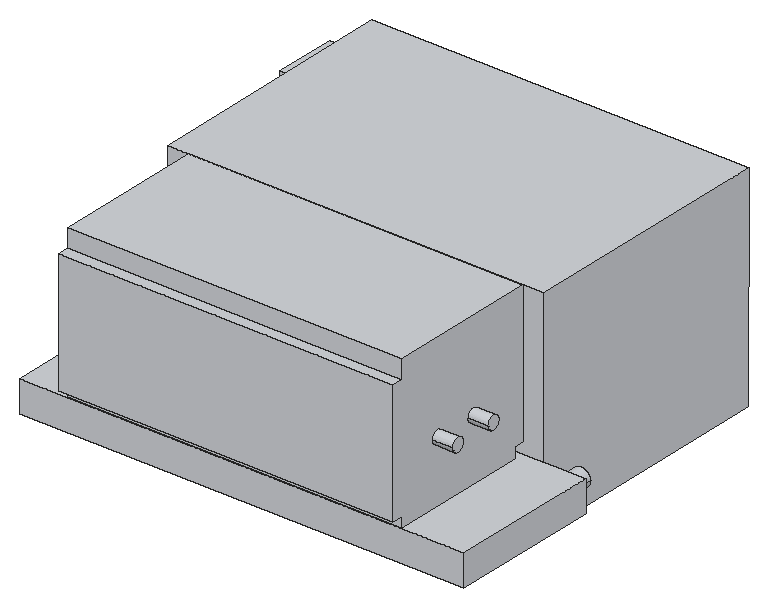
Revit family "5d8ceb5ff2f34152bdabfc4655277bff", category Mechanical Equipment, Revit 2021
Family settings
  Round Connector Dimension = Use Diameter
  Part Type = Normal
  OmniClass Number = 23.75.70.17.27
  OmniClass Title = Fan Coil Units
  Seek Item ID = Fan Coil Unit with Plenum - Horizontal - DX - Bottom Return-0000-USA-ENU
  Work Plane-Based = No
  Always vertical = Yes
  Cut with Voids When Loaded = No
  Shared = No
  Room Calculation Point = No
Parameters (values of type "200 CFM")
  Voltage = 120 V
  Unit Length = 1' - 9 1/4"
  Unit Height = 0' - 8 3/4"
  Total Cooling Capacity = 6000 Btu/h
  Supply Air Width = 16"
  Supply Air Height = 6 1/4"
  Sensible Cooling Capacity = 4600 Btu/h
  Return Air Width = 18 1/4"
  Refrigerant Flow [instance] = 1 GPM
  Number of Poles = 1
  Nominal Air Flow [instance] = 200 CFM
  Load Classification = Cooling
  External Static Pressure [instance] = 0.30 in-wg
  Drain Flow [instance] = 0 GPM
  Default Elevation = 0' - 0"
  CFU Material = none
  C2 Offset 1 = 0' - 4 1/4"
  C1 Offset 1 = 0' - 4 1/4"
  Apparent Load = 50 VA
Types (8): name | Unit Length | Unit Height | Total Cooling Capacity | Supply Air Width | Supply Air Height | Sensible Cooling Capacity | Return Air Width | Refrigerant Flow | Nominal Air Flow | C2 Offset 1 | C1 Offset 1 | Apparent Load
  (no name) | 1' - 9 1/4" | 0' - 8 3/4" | 6000 Btu/h | 16" | 6 1/4" | 4600 Btu/h | 18 1/4" | 1 GPM | 200 CFM | 0' - 4 1/4" | 0' - 4 1/4" | 50 VA
  200 CFM | 1' - 9 1/4" | 0' - 8 3/4" | 6000 Btu/h | 16" | 6 1/4" | 4600 Btu/h | 18 1/4" | 1 GPM | 200 CFM | 0' - 4 1/4" | 0' - 4 1/4" | 50 VA
  300 CFM | 2' - 1 1/4" | 0' - 8 3/4" | 9000 Btu/h | 20" | 6 1/4" | 6900 Btu/h | 22 1/4" | 2 GPM | 300 CFM | 0' - 4 1/4" | 0' - 4 1/4" | 85 VA
  400 CFM | 2' - 7 1/4" | 0' - 8 3/4" | 13300 Btu/h | 26" | 6 1/4" | 10300 Btu/h | 28 1/4" | 3 GPM | 400 CFM | 0' - 4 1/4" | 0' - 4 1/4" | 165 VA
  600 CFM | 3' - 0 1/4" | 0' - 10" | 18000 Btu/h | 31" | 7 1/2" | 14600 Btu/h | 33 1/4" | 4 GPM | 600 CFM | 0' - 4 7/8" | 0' - 3 5/8" | 225 VA
  800 CFM | 3' - 7 1/4" | 0' - 10" | 22600 Btu/h | 38" | 7 1/2" | 16900 Btu/h | 40 1/4" | 5 GPM | 800 CFM | 0' - 4 7/8" | 0' - 3 5/8" | 235 VA
  1000 CFM | 4' - 9 1/4" | 0' - 10" | 27500 Btu/h | 52" | 7 1/2" | 21000 Btu/h | 54 1/4" | 6 GPM | 1000 CFM | 0' - 3 3/8" | 0' - 4 7/8" | 305 VA
  1200 CFM | 5' - 5 1/4" | 0' - 10" | 32800 Btu/h | 60" | 7 1/2" | 25000 Btu/h | 62 1/4" | 7 GPM | 1200 CFM | 0' - 3 3/8" | 0' - 4 7/8" | 435 VA
Reference planes (in)
  plane 1 "Center (Front/Back)": y = 0
  plane 2: z = 0
  plane 3 "Center (Left/Right)": x = 0
  plane 4: y = -0.5
  plane 5: y = 19.5
  plane 6: x = 21.25
  plane 7: x = 18.25
  plane 8: x = 2.25
  plane 9: y = 7.25
  plane 10: z = 8.75
  plane 11: z = 1.5
  plane 12: z = 7.875
  plane 13: y = 6.75
  plane 14: z = 2
  plane 15: x = 1.25
  plane 16: x = 19.25
  plane 17: y = 2.125
  plane 18: y = 4.25
  plane 19: z = 4.5
  plane 20: z = 4.5
  plane 21: x = 20.25
  plane 22: z = 0.75
  plane 23: y = 8.25
  plane 24: y = 18.5
  plane 25: y = 15.5
  plane 26: z = 6.875
Forms (in)
  Extrusion 1, solid, material <- "CFU Material"
    sketch origin (0, 0, 0) x (1, 0, 0) y (0, 1, 0)
      loop
        line (0, 7.25) -> (0, 0) -> (21.25, 0) -> (21.25, 7.25) -> (0, 7.25)
    from 0 to 1.5
  Extrusion 2, solid, material <- "CFU Material"
    sketch origin (0, 0, 0) x (0, 1, 0) y (0, 0, 1)
      loop
        line (7.25, 8.75) -> (0, 8.75) -> (0, 7.875) -> (-0.5, 7.875) -> (-0.5, 2) -> (0, 2) -> (0, 1.5) -> (6.75, 1.5) -> (6.75, 2) -> (7.25, 2) -> (7.25, 8.75)
    from 2.25 to 18.25
  Extrusion 3, solid, material <- "CFU Material"
    sketch origin (0, 0, 0) x (0, 1, 0) y (0, 0, 1)
      loop
        line (7.25, 8.75) -> (7.25, -1.5) -> (19.5, -1.5) -> (19.5, 8.75) -> (7.25, 8.75)
    from 1.25 to 19.25
  Extrusion 4, solid, material <- "CFU Material"
    sketch origin (0, 0, 0) x (1, 0, 0) y (0, 0, 1)
      loop
        circle (20.25, 0.75) r 0.4375
    from -8.25 to -7.25
  Extrusion 5, solid, material <- "CFU Material"
    sketch origin (0, 0, 0) x (0, 1, 0) y (0, 0, 1)
      loop
        circle (2.125, 4.5) r 0.3125
    from 18.25 to 19.25
  Extrusion 6, solid, material <- "CFU Material"
    sketch origin (0, 0, 0) x (0, 1, 0) y (0, 0, 1)
      loop
        circle (4.25, 4.5) r 0.3125
    from 18.25 to 19.25
  Extrusion 7, solid, material <- "CFU Material"
    sketch origin (0, 0, 0) x (1, 0, 0) y (0, 1, 0)
      loop
        line (0, 18.5) -> (0, 15.5) -> (1.25, 15.5) -> (1.25, 18.5) -> (0, 18.5)
    from 6.875 to 7.875
Dimensions and locks (in)
  locked: plane 4 to plane 1 "Center (Front/Back)" at 0.5
  locked: plane 4 to plane 5 at 20
  "Unit Length": plane 3 "Center (Left/Right)" to plane 6
  locked: plane 7 to plane 6 at 3
  "Supply Air Width": plane 8 to plane 7
  locked: plane 1 "Center (Front/Back)" to plane 9 at 7.25
  "Unit Height": plane 10 to plane 2
  locked: plane 11 to plane 2 at 1.5
  locked: plane 10 to plane 12 at 0.875
  locked: plane 13 to plane 9 at 0.5
  locked: plane 14 to plane 11 at 0.5
  locked: plane 10 to Extrusion 3 sketch curve at 10.25
  locked: plane 15 to plane 8 at 1
  locked: plane 4 to plane 17 at 2.625
  locked: plane 4 to plane 18 at 4.75
  "C1 Offset 1": plane 10 to plane 19
  "C2 Offset 1": plane 10 to plane 20
  locked: plane 6 to plane 21 at 1
  equal spacing: plane 11, plane 22, level
  locked: plane 9 to plane 23 at 1
  locked: plane 7 to plane 16 at 1
  locked: plane 5 to plane 24 at 1
  locked: plane 24 to plane 25 at 3
  locked: plane 12 to plane 26 at 1
  radius of Extrusion 5 sketch curve = 0' - 0 5/16"
  radius of Extrusion 6 sketch curve = 0' - 0 5/16"
  aligned and locked: plane 3 "Center (Left/Right)" to Extrusion 1 sketch curve
  aligned and locked: plane 9 to Extrusion 1 sketch curve
  aligned and locked: plane 1 "Center (Front/Back)" to Extrusion 1 sketch curve
  aligned and locked: Extrusion 1 sketch curve to plane 6
  aligned and locked: Extrusion 1 to plane 2
  aligned and locked: plane 11 to Extrusion 1
  aligned and locked: plane 10 to Extrusion 2 sketch curve
  aligned and locked: plane 1 "Center (Front/Back)" to Extrusion 2 sketch curve  (x2)
  aligned and locked: plane 12 to Extrusion 2 sketch curve
  aligned and locked: plane 4 to Extrusion 2 sketch curve
  aligned and locked: Extrusion 2 sketch curve to plane 14  (x2)
  aligned and locked: Extrusion 2 sketch curve to plane 11
  aligned and locked: Extrusion 2 sketch curve to plane 13
  aligned and locked: Extrusion 2 sketch curve to plane 9
  aligned and locked: plane 7 to Extrusion 2
  aligned and locked: Extrusion 2 to plane 8
  aligned and locked: plane 16 to Extrusion 3
  aligned and locked: Extrusion 3 to plane 15
  aligned and locked: plane 22 to Extrusion 4 sketch curve
  aligned and locked: plane 21 to Extrusion 4 sketch curve
  aligned and locked: plane 9 to Extrusion 4
  aligned and locked: Extrusion 4 to plane 23
  aligned and locked: plane 17 to Extrusion 5 sketch curve
  aligned and locked: plane 19 to Extrusion 5 sketch curve
  aligned and locked: plane 20 to Extrusion 6 sketch curve
  aligned and locked: plane 18 to Extrusion 6 sketch curve
  aligned and locked: plane 16 to Extrusion 6
  aligned and locked: plane 16 to Extrusion 5
  aligned and locked: Extrusion 6 to plane 7
  aligned and locked: Extrusion 5 to plane 7
  aligned and locked: plane 3 "Center (Left/Right)" to Extrusion 7 sketch curve
  aligned and locked: Extrusion 7 sketch curve to plane 24
  aligned and locked: plane 25 to Extrusion 7 sketch curve
  aligned and locked: Extrusion 7 sketch curve to plane 15
  aligned and locked: plane 12 to Extrusion 7
  aligned and locked: Extrusion 7 to plane 26
Automatic sketch dimensions
  Extrusion 3 sketch curve to plane 9 = 0' - 0"
  Extrusion 3 sketch curve to plane 5 = 0' - 0"
  Extrusion 3 sketch curve to plane 10 = 0' - 0"
  radius of Extrusion 4 sketch curve = 0' - 0 7/16"
Connectors (in)
  hvac at (10.25, -0.5, 4.9375), driven by "Nominal Air Flow", driven by "Supply Air Height", driven by "Supply Air Width"
    settings: on Extrusion 2, index 1, duct flow 200 CFM, flow factor 0, pres drop 0.00 in-wg, loss coef 0, conn angle 0.00°, conn width 16", conn height 6 1/4", conn diameter 24", duct sys type 1, conn prof type 1, flow config 0, flow direction 2, loss method 0, conn ref index 2, conn util no, is conn primary yes, conn desc ""
  hvac at (10.25, 13.375, -1.5), driven by "Nominal Air Flow", driven by "Return Air Width"
    settings: on Extrusion 3, index 2, duct flow 200 CFM, flow factor 0, pres drop 0.00 in-wg, loss coef 0, conn angle 0.00°, conn width 18 1/4", conn height 11 1/4", conn diameter 24", duct sys type 2, conn prof type 1, flow config 0, flow direction 1, loss method 0, conn ref index 1, conn util no, is conn primary no, conn desc ""
  piping at (19.25, 2.125, 4.5), diameter 0.625, driven by "Refrigerant Flow"
    settings: on Extrusion 5, index 3, connector inside diameter 5/8", connector length 0' - 0", flow factor 0, pipe flow 1 GPM, pressure drop 0.00 psi, fitting loss kfactor 0, connector angle 0.00°, fixture units 0, engagement length 0' - 0", angle of deflection 0.00°, flow configuration 1, flow direction 1, fitting loss method 0, system type 22, joint type 0, gender type 0, connector reference index 4, connector utility 0, adjustable connector no, is connector primary yes, connector description "Refrigerant, In"
  piping at (19.25, 4.25, 4.5), diameter 0.625, driven by "Refrigerant Flow"
    settings: on Extrusion 6, index 4, connector inside diameter 5/8", connector length 0' - 0", flow factor 0, pipe flow 1 GPM, pressure drop 0.00 psi, fitting loss kfactor 0, connector angle 0.00°, fixture units 0, engagement length 0' - 0", angle of deflection 0.00°, flow configuration 1, flow direction 2, fitting loss method 0, system type 22, joint type 0, gender type 0, connector reference index 3, connector utility 0, adjustable connector no, is connector primary no, connector description "Refrigerant, Out"
  piping at (20.25, 8.25, 0.75), diameter 0.875, driven by "Drain Flow"
    settings: on Extrusion 4, index 5, connector inside diameter 7/8", connector length 0' - 0", flow factor 0, pipe flow 0 GPM, pressure drop 0.00 psi, fitting loss kfactor 0, connector angle 0.00°, fixture units 0, engagement length 0' - 0", angle of deflection 0.00°, flow configuration 1, flow direction 2, fitting loss method 0, system type 16, joint type 0, gender type 0, connector reference index -1, connector utility 0, adjustable connector yes, is connector primary no, connector description "Drain, Out"
  electrical at (0, 17, 7.375), driven by "Apparent Load", driven by "Voltage", driven by "Number of Poles", driven by "Load Classification"
    settings: on Extrusion 7, index 6, voltage 120 V, apparent load 50 VA, apparent load phase1 0 VA, apparent load phase2 0 VA, apparent load phase3 0 VA, power factor 0.8, load classification "Cooling", number of poles 1, system type 30, power factor state 1, is connector primary yes, connector utility no, sub classification motor no, connector description ""
